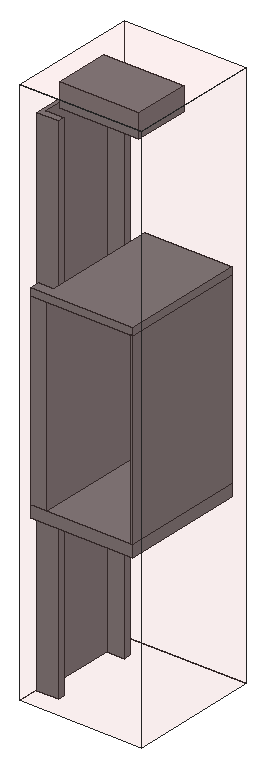
Revit family "Elevator_RES_NationwideLifts_Freedom-Hydro", category Generic Models, Revit 2026
Family settings
  Can host rebar = No
  Round Connector Dimension = Use Diameter
  Part Type = Normal
  Classification Number = 23.50.05.11.14.17
  Work Plane-Based = Yes
  Always vertical = No
  Cut with Voids When Loaded = No
  Maintain Annotation Orientation = No
  Shared = No
  Room Calculation Point = No
Parameters
  Warranty Duration (Years) = 0
  Unit Width = 3' - 0"
  Unit Height [instance] = 6' - 8"
  Unit Depth = 4' - 0"
  URL = "http://www.elevators.com/"
  Stops [instance] = 0
  Standards Conformance = ""
  Specification = "http://www.arcat.com/sdspecs/htm04/14_20_00nwl.htm"
  SpecWizard = ""
  Space Between Cab and Hoistway = 0' - 0 3/4"
  Show Finished Hoistway Clearance [instance] = yes
  Show Default Rail Wall Detail [instance] = yes
  Show Center of Door Detail [instance] = yes
  Send Message = ""
  Sales Information = "http://www.elevators.com/contact-info/"
  Revision = "R1_2016-05"
  Product Properties = ""
  Product Data = "http://www.arcat.com/arcatcos/cos49/arc49670.html"
  Pit Depth [instance] = 0' - 8"
  Overhead [instance] = 9' - 0"
  Overall Height [instance] = Height to Floor of Last Stop + Overhead  # 19' - 0"
  Opening Width = 4' - 4"
  Opening Depth = 4' - 8"
  Model = "As Specified"
  Manufacturer Website = "http://www.elevators.com/"
  Manufacturer Phone - Toll Free = "888-323-8755"
  Manufacturer Phone = ""
  Manufacturer Fax = ""
  Manufacturer Address = "10-B Holden Ave.  Queensbury, NY 12804"
  Manufacturer = "Nationwide Lifts, Inc."
  Maintenance Schedule (Months) = 0
  Lift Travel Speed = ""
  Lift Material [instance] = Metal - Steel
  Lift Height = 0' - 0"
  Keynote = "14 20 00"
  Installation-Fabrication = ""
  Installation Phase = ""
  Hoistway Wall Thickness [instance] = 0' - 0 1/2"
  Hoistway Clearance Material [instance] = ARCAT Clearance
  Height to Full Stroke Sheave [instance] = 17' - 9.338"
  Height to Floor of Last Stop [instance] = 10' - 0"
  Green Building-LEED = ""
  Expected Lifespan (Years) = 0
  Drawn By = "Sumex Design, Inc. / Robert S. Weygant, CSI, CDT, SCIP"
  Description = ""
  Default Elevation = 0' - 0"  # constant formula
  Copyright = "©Arcat Inc."
  Construction Details = ""
  Center of Rail = 2' - 4"
  Center of Door B = 0' - 0"
  Center of Door A = 2' - 11"
  Capacity = ""
  Cab Style 2 Sliding Panel = yes
  Cab Style Accordian Gate = no
  Cab Location [instance] = 5' - 8.02815"
  Cab Exterior Material [instance] = Metal - Steel
  Cab Design = Cab_Type1L : Cab_Type1L
  Assembly Code = "D1010100"
Reference planes (in)
  plane 1 "Center (Front/Back)": y = 0
  plane 2 "Bottom": z = 0
  plane 3 "Center (Left/Right)": x = 0
  plane 4 "Front": y = -28
  plane 5 "Back": y = 28
  plane 6 "Left": x = -26
  plane 7 "Right": x = 26
  plane 8 "Top": z = 228
  plane 9: z = -8
  plane 10: z = 68.02815
Forms (in)
  Extrusion 1, solid, material "ARCAT Clearance" <- "Hoistway Clearance Material", visible <- "Show Finished Hoistway Clearance"
    sketch origin (0, 0, 0) x (1, 0, 0) y (0, 1, 0)
      loop
        line (-26, 28) -> (-26, -28) -> (26, -28) -> (26, 28) -> (-26, 28)
    from -8 to 228
  Extrusion 2, solid, material "Metal - Steel" <- "Lift Material"
    sketch origin (0, 0, 0) x (1, 0, 0) y (0, 1, 0)
      loop
        line (-26, 19) -> (-26, -19) -> (-16.75, -19) -> (-16.75, -16.1875) -> (-24.25, -16.1875) -> (-24.25, 16.1875) -> (-16.75, 16.1875) -> (-16.75, 19) -> (-26, 19)
    from -8 to 213.338 <- "Height to Full Stroke Sheave"
  Extrusion 3, solid, material "Metal - Steel" <- "Lift Material"
    sketch origin (0, 0, 0) x (1, 0, 0) y (0, 0, 1)
      loop
        line (-22, 213.338) -> (12, 213.338) -> (12, 223.338) -> (-22, 223.338) -> (-22, 213.338)
    from -12 to 12
Dimensions and locks (in)
  equal spacing: plane 6 "Left", plane 3 "Center (Left/Right)", plane 7 "Right"
  "Opening Width": plane 6 "Left" to plane 7 "Right"
  equal spacing: plane 5 "Back", plane 1 "Center (Front/Back)", plane 4 "Front"
  "Opening Depth": plane 5 "Back" to plane 4 "Front"
  "Overall Height": plane 8 "Top" to level
  "Pit Depth": level to plane 9
  Extrusion 2 sketch curve to plane 1 "Center (Front/Back)" to Extrusion 2 sketch curve = 1' - 7" locked, 1' - 7" locked
  "Cab Location": plane 10 to plane 2 "Bottom"
  "Height to Full Stroke Sheave": Extrusion 3 sketch curve to level
  locked: Extrusion 3 sketch curve to Extrusion 3 sketch curve at 10
  aligned and locked: Extrusion 1 sketch curve to plane 4 "Front"
  aligned and locked: Extrusion 1 sketch curve to plane 7 "Right"
  aligned and locked: Extrusion 1 to plane 9
  aligned and locked: plane 8 "Top" to Extrusion 1
  aligned and locked: Extrusion 1 to Extrusion 2
  aligned and locked: plane 1 "Center (Front/Back)" to nested 1
  aligned and locked: plane 3 "Center (Left/Right)" to nested 1
Automatic sketch dimensions
  Extrusion 1 sketch curve to plane 6 "Left" = 0' - 0"
  Extrusion 1 sketch curve to plane 5 "Back" = 0' - 0"
  Extrusion 2 sketch curve to plane 6 "Left" = 0' - 0"
  plane 6 "Left" to Extrusion 2 sketch curve = 0' - 1 3/4"
  Extrusion 2 sketch curve to Extrusion 2 sketch curve = 0' - 7 1/2"  (x2)
  Extrusion 2 sketch curve to Extrusion 2 sketch curve = 0' - 2 13/16"  (x2)
  plane 6 "Left" to Extrusion 3 sketch curve = 0' - 4"
  plane 3 "Center (Left/Right)" to Extrusion 3 sketch curve = 1' - 0"
Nested families (in)
  nested 1: "Cab_Type1L" at (0, 0, 68.02815), built-in parameter 1001364 <- "Cab Location", Hoistway Depth <- "Opening Depth", Hoistway Width <- "Opening Width", Unit Width <- "Unit Width", Unit Height <- "Unit Height", Unit Depth <- "Unit Depth", Show Rail Wall Support Detail <- "Show Default Rail Wall Detail", Show Center of Door Location Detail <- "Show Center of Door Detail", Gate A Accordian <- "Cab Style Accordian Gate", Gate A 2 Panel Sliding <- "Cab Style 2 Sliding Panel", Center of Rail <- "Center of Rail", Hoistway Wall Finish Thickness <- "Hoistway Wall Thickness", Center of Door A <- "Center of Door A", Center of Door B <- "Center of Door B", cab exterior <- "Cab Exterior Material", type <- "Cab Design", Space Between Gate and Hoistway <- "Space Between Cab and Hoistway", type "Cab_Type1L"
    with centerdoorBlocate 3' - 0", centerdoorAlocate 2' - 11", cab exterior Metal - Steel, Unit Width 3' - 0", Unit Height 6' - 8", Unit Depth 4' - 0", Space Between Gate and Hoistway 0' - 0 3/4", Show Rail Wall Support Detail yes, Show Center of Door Location Detail yes, Hoistway Width 4' - 4", Hoistway Wall Finish Thickness 0' - 0 1/2", Hoistway Depth 4' - 8", Gate Thickness 0' - 4 1/2", Gate A Accordian no, Gate A 2 Panel Sliding yes, Center of Rail 2' - 4", Center of Door B 0' - 0", Center of Door A 2' - 11"
Definition of nested family "Cab_Type1L"
  Parameters
    centerdoorBlocate [instance] = if(Center of Door B < 2' 0", 3' 0", Center of Door B)  # 2' - 10"
    centerdoorAlocate [instance] = if(Center of Door A < 2' 0", 3' 0", Center of Door A)  # 2' - 4"
    cab exterior [instance] = none
    Unit Width [instance] = 3' - 0"
    Unit Height [instance] = 6' - 8"
    Unit Depth [instance] = 4' - 0"
    Space Between Gate and Hoistway [instance] = 0' - 0 3/4"
    Show Rail Wall Support Detail [instance] = yes
    Show Center of Door Location Detail [instance] = yes
    Hoistway Width [instance] = 4' - 2"
    Hoistway Wall Finish Thickness [instance] = 0' - 0 1/2"
    Hoistway Depth [instance] = 4' - 7"
    Gate Thickness [instance] = 0' - 4 1/2"  # constant formula
    Gate A Accordian [instance] = yes
    Gate A 2 Panel Sliding [instance] = yes
    Default Elevation = 0' - 0"
    Center of Rail [instance] = 2' - 5"
    Center of Door B [instance] = 2' - 10"
    Center of Door A [instance] = 2' - 4"
    Assembly Code = ""
  Reference planes (in)
    plane 1 "Center (Front/Back)": y = 0
    plane 2: z = 0
    plane 3 "Center (Left/Right)": x = 0
    plane 4: y = 27.5
    plane 5: y = -27.5
    plane 6: x = -25
    plane 7: x = 25
    plane 8: y = 1.5
    plane 9: x = -25.5
    plane 10: y = 25.75
    plane 11: y = -26.75
    plane 12: x = -14.25
    plane 13: x = 21.75
    plane 14: y = -22.25
    plane 15: x = 3
  Forms (in)
    Extrusion 1, solid, material <- "cab exterior"
      sketch origin (0, 0, 0) x (1, 0, 0) y (0, 1, 0)
        loop
          line (-14.25, -26.75) -> (-14.25, 25.75) -> (21.75, 25.75) -> (21.75, -26.75) -> (22.5, -26.75) -> (22.5, 26.5) -> (-15, 26.5) -> (-15, -22.25) -> (-21, -22.25) -> (-21, -26.75) -> (-14.25, -26.75)
      from 0 to 80 <- "Unit Height"
    Extrusion 2, solid, material <- "cab exterior"
      sketch origin (0, 0, 0) x (1, 0, 0) y (0, 1, 0)
        loop
          line (-15, 26.5) -> (-15, -22.25) -> (-21, -22.25) -> (-21, -26.75) -> (22.5, -26.75) -> (22.5, 26.5) -> (-15, 26.5)
      from 0 to -5
    Extrusion 3, solid, material <- "cab exterior"
      sketch origin (0, 0, 80) x (1, 0, 0) y (0, 1, 0)
        loop
          line (-15, 26.5) -> (-15, -22.25) -> (-21, -22.25) -> (-21, -26.75) -> (22.5, -26.75) -> (22.5, 26.5) -> (-15, 26.5)
      from 0 to 3
  Dimensions and locks (in)
    equal spacing: plane 6, plane 3 "Center (Left/Right)", plane 7
    "Hoistway Width": plane 6 to plane 7
    equal spacing: plane 4, plane 1 "Center (Front/Back)", plane 5
    "Hoistway Depth": plane 4 to plane 5
    "Center of Rail": plane 8 to plane 5
    "Hoistway Wall Finish Thickness": plane 9 to plane 6
    "Unit Width": plane 12 to plane 13
    "centerdoorAlocate": plane 6 to plane 15
    locked: Extrusion 1 sketch curve to plane 12 at 0.75
    "Gate Thickness": plane 14 to plane 11
    locked: plane 13 to Extrusion 2 sketch curve at 0.75
    locked: Extrusion 3 sketch curve to plane 12 at 6.75
    locked: Extrusion 1 sketch curve to plane 12 at 6.75
    locked: Extrusion 2 sketch curve to plane 12 at 6.75
    locked: plane 6 to plane 12 at 10.75
    locked: nested 3 to plane 11 at 0.5
    locked: nested 4 to plane 11 at 4.0625
    "Space Between Gate and Hoistway": plane 11 to plane 5
    "Unit Depth": plane 10 to plane 14
    locked: Extrusion 1 sketch curve to plane 10 at 0.75
    locked: Extrusion 2 sketch curve to plane 10 at 0.75
    locked: Extrusion 3 sketch curve to plane 10 at 0.75
    aligned and locked: plane 2 to level
    aligned and locked: plane 8 to nested 1
    aligned and locked: plane 9 to nested 1
    aligned and locked: plane 12 to Extrusion 1 sketch curve
    aligned and locked: plane 11 to Extrusion 1 sketch curve  (x2)
    aligned and locked: plane 14 to Extrusion 1 sketch curve
    aligned and locked: plane 13 to Extrusion 1 sketch curve
    aligned and locked: Extrusion 2 sketch curve to plane 11
    aligned and locked: nested 2 to plane 15
    aligned and locked: plane 5 to nested 2
    aligned and locked: nested 3 to plane 13
    aligned and locked: nested 4 to Extrusion 1
  Automatic sketch dimensions
    plane 13 to Extrusion 1 sketch curve = 0' - 0 3/4"
    Extrusion 1 sketch curve to plane 10 = 0' - 0"
    Extrusion 2 sketch curve to plane 14 = 0' - 0"
    Extrusion 2 sketch curve to plane 12 = 0' - 0 3/4"
    Extrusion 1 to Extrusion 3 sketch curve = 0' - 0"
    Extrusion 3 sketch curve to Extrusion 1 = 0' - 0"  (x3)
  Nested families (in)
    nested 1: "RailWallSupport" at (-25.5, 1.5, 0) x (0, 1, 0) z (0, 0, 1), visible <- "Show Rail Wall Support Detail", type "asSpecified"
    nested 2: "DoorLocation" at (3, -33.5, 0), visible <- "Show Center of Door Location Detail", type "asSpecified"
    nested 3: "Sliding2Door" at (-14.25, -26.25, 0), visible <- "Gate A 2 Panel Sliding", type "Sliding2Door"
      with doorpanelwidth 1' - 7", Door Width 3' - 0"
    nested 4: "AccordionGateDetail" at (-21, -24.4375, 0), visible <- "Gate A Accordian", type "AccordionGateDetail"
  Definition of nested family "RailWallSupport"
    Reference planes (in)
      plane 1 "Center (Front/Back)": y = 0
      plane 2: z = 0
      plane 3 "Center (Left/Right)": x = 0
    Lines and regions (in)
      detail lines, in view "Ref. Level"
        curve 1: line (14.375, 0, 0) -> (23.625, 0, 0)
        curve 2: line (23.625, 0, 0) -> (23.625, 1.5, 0)
        curve 3: line (23.625, 1.5, 0) -> (14.375, 1.5, 0)
        curve 4: line (14.375, 1.5, 0) -> (14.375, 0, 0)
        curve 5: line (14.375, 1.5, 0) -> (14.375, 3, 0)
        curve 6: line (14.375, 3, 0) -> (23.625, 3, 0)
        curve 7: line (23.625, 3, 0) -> (23.625, 1.5, 0)
        curve 8: line (23.625, 0, 0) -> (23.625, 3.5, 0)
        curve 9: line (23.625, 3.5, 0) -> (25.125, 3.5, 0)
        curve 10: line (25.125, 3.5, 0) -> (25.125, 0, 0)
        curve 11: line (25.125, 0, 0) -> (23.625, 0, 0)
        curve 12: line (14.375, 0, 0) -> (12.875, 0, 0)
        curve 13: line (12.875, 0, 0) -> (12.875, 3.5, 0)
        curve 14: line (12.875, 3.5, 0) -> (14.375, 3.5, 0)
        curve 15: line (14.375, 3.5, 0) -> (14.375, 3, 0)
        curve 16: line (12.875, 3.5, 0) -> (14.375, 0, 0)
        curve 17: line (14.375, 3.5, 0) -> (12.875, 0, 0)
        curve 18: line (23.625, 3.5, 0) -> (25.125, 0, 0)
        curve 19: line (25.125, 3.5, 0) -> (23.625, 0, 0)
        curve 20: line (14.375, 3, 0) -> (23.625, 1.5, 0)
        curve 21: line (23.625, 3, 0) -> (14.375, 1.5, 0)
        curve 22: line (14.375, 1.5, 0) -> (23.625, 0, 0)
        curve 23: line (23.625, 1.5, 0) -> (14.375, 0, 0)
        curve 24: line (-14.375, 0, 0) -> (-23.625, 0, 0)
        curve 25: line (-23.625, 0, 0) -> (-23.625, 1.5, 0)
        curve 26: line (-23.625, 1.5, 0) -> (-14.375, 1.5, 0)
        curve 27: line (-14.375, 1.5, 0) -> (-14.375, 0, 0)
        curve 28: line (-14.375, 1.5, 0) -> (-14.375, 3, 0)
        curve 29: line (-14.375, 3, 0) -> (-23.625, 3, 0)
        curve 30: line (-23.625, 3, 0) -> (-23.625, 1.5, 0)
        curve 31: line (-23.625, 0, 0) -> (-23.625, 3.5, 0)
        curve 32: line (-23.625, 3.5, 0) -> (-25.125, 3.5, 0)
        curve 33: line (-25.125, 3.5, 0) -> (-25.125, 0, 0)
        curve 34: line (-25.125, 0, 0) -> (-23.625, 0, 0)
        curve 35: line (-14.375, 0, 0) -> (-12.875, 0, 0)
        curve 36: line (-12.875, 0, 0) -> (-12.875, 3.5, 0)
        curve 37: line (-12.875, 3.5, 0) -> (-14.375, 3.5, 0)
        curve 38: line (-14.375, 3.5, 0) -> (-14.375, 3, 0)
        curve 39: line (-12.875, 3.5, 0) -> (-14.375, 0, 0)
        curve 40: line (-14.375, 3.5, 0) -> (-12.875, 0, 0)
        curve 41: line (-23.625, 3.5, 0) -> (-25.125, 0, 0)
        curve 42: line (-25.125, 3.5, 0) -> (-23.625, 0, 0)
        curve 43: line (-14.375, 3, 0) -> (-23.625, 1.5, 0)
        curve 44: line (-23.625, 3, 0) -> (-14.375, 1.5, 0)
        curve 45: line (-14.375, 1.5, 0) -> (-23.625, 0, 0)
        curve 46: line (-23.625, 1.5, 0) -> (-14.375, 0, 0)
  Definition of nested family "DoorLocation"
    Parameters
      Assembly Code = ""
    Reference planes (in)
      plane 1 "Center (Front/Back)": y = 0
      plane 2: z = 0
      plane 3 "Center (Left/Right)": x = 0
    Lines and regions (in)
      detail lines, in view "Ref. Level"
        curve 1: line (-18, -6, 0) -> (-18, 0, 0)
        curve 2: line (-18, 0, 0) -> (18, 0, 0)
        curve 3: line (18, 0, 0) -> (18, -6, 0)
        curve 4: line (18, -6, 0) -> (-18, -6, 0)
        curve 5: line (0, 0, 0) -> (0, -6, 0)
        curve 6: line (0, 0, 0) -> (-0.35355, -0.35355, 0)
        curve 7: line (0, 0, 0) -> (0.35355, -0.35355, 0)
        curve 8: line (0, -6, 0) -> (0.35355, -5.64645, 0)
        curve 9: line (0, -6, 0) -> (-0.35355, -5.64645, 0)
  Definition of nested family "Sliding2Door"
    Parameters
      doorpanelwidth [instance] = (Door Width + 0' 1" + 0' 1") / 2  # 1' - 5"
      Door Width [instance] = 2' - 8"
      Assembly Code = ""
    Reference planes (in)
      plane 1 "Center (Front/Back)": y = 0
      plane 2: z = 0
      plane 3 "Center (Left/Right)": x = 0
      plane 4: x = 32
      plane 5: x = -1
      plane 6: x = 15
      plane 7: x = 16
      plane 8: x = 16
    Lines and regions (in)
      detail lines, in view "Ref. Level"
        curve 1: line (31.75, 0, 0) -> (15.25, 0, 0)
        curve 2: line (15, 0.25, 0) -> (15, 1.3125, 0)
        curve 3: line (15.25, 1.5625, 0) -> (31.75, 1.5625, 0)
        curve 4: line (32, 1.3125, 0) -> (32, 0.25, 0)
        curve 5: arc (31.75, 1.5625, 0) -> (31.92678, 1.48928, 0) -> (32, 1.3125, 0) r 0.25
        curve 6: arc (32, 0.25, 0) -> (31.92678, 0.07322, 0) -> (31.75, 0, 0) r 0.25
        curve 7: arc (15.25, 1.5625, 0) -> (15.07322, 1.48928, 0) -> (15, 1.3125, 0) r 0.25
        curve 8: arc (15, 0.25, 0) -> (15.07322, 0.07322, 0) -> (15.25, 0, 0) r 0.25
        curve 9: line (15.75, 1.6875, 0) -> (-0.75, 1.6875, 0)
        curve 10: line (-1, 1.9375, 0) -> (-1, 3, 0)
        curve 11: line (-0.75, 3.25, 0) -> (15.75, 3.25, 0)
        curve 12: line (16, 3, 0) -> (16, 1.9375, 0)
        curve 13: arc (15.75, 3.25, 0) -> (15.92678, 3.17678, 0) -> (16, 3, 0) r 0.25
        curve 14: arc (16, 1.9375, 0) -> (15.92678, 1.76072, 0) -> (15.75, 1.6875, 0) r 0.25
        curve 15: arc (-0.75, 3.25, 0) -> (-0.92678, 3.17678, 0) -> (-1, 3, 0) r 0.25
        curve 16: arc (-1, 1.9375, 0) -> (-0.92678, 1.76072, 0) -> (-0.75, 1.6875, 0) r 0.25
        curve 17: line (32, 3.5, 0) -> (32, 1.6875, 0)
        curve 18: line (32, 1.6875, 0) -> (31.5, 1.6875, 0)
        curve 19: line (31.5, 1.6875, 0) -> (31.5, 3.5, 0)
        curve 20: line (16, 2.5625, 0) -> (31.5, 2.5625, 0)
        curve 21: line (16, 2.3125, 0) -> (31.5, 2.3125, 0)
        curve 22: line (-1, 0.89063, 0) -> (15, 0.89063, 0)
        curve 23: line (15, 0.64063, 0) -> (-1, 0.64063, 0)
        curve 24: line (-1, 0.89063, 0) -> (-1, 0.64063, 0)
        curve 25: line (31.5, 3.5, 0) -> (32, 3.5, 0)
    Dimensions and locks (in)
      locked: plane 5 to plane 3 "Center (Left/Right)" at 1
      "Door Width": plane 3 "Center (Left/Right)" to plane 4
      "doorpanelwidth": plane 6 to plane 4
      locked: plane 6 to plane 7 at 1
      equal spacing: plane 3 "Center (Left/Right)", plane 8, plane 4
      aligned and locked: plane 6 to curve 2
      aligned and locked: curve 12 to plane 7
      aligned and locked: curve 4 to plane 4
      aligned and locked: plane 5 to curve 22
      aligned and locked: plane 6 to curve 22
      aligned and locked: plane 5 to curve 23
      aligned and locked: plane 5 to curve 10
    Automatic sketch dimensions
      plane 1 "Center (Front/Back)" to curve 1 = 0' - 0"
      curve 17 to plane 4 = 0' - 0"
      plane 5 to curve 16 = 0' - 0 1/4"
      plane 5 to curve 11 = 0' - 0 1/4"
      plane 6 to curve 7 = 0' - 0 1/4"
      plane 6 to curve 1 = 0' - 0 1/4"
      curve 13 to plane 7 = 0' - 0 1/4"
      curve 14 to plane 7 = 0' - 0 1/4"
      curve 20 to plane 4 = 0' - 0 1/2"
      curve 3 to plane 4 = 0' - 0 1/4"
      curve 6 to plane 4 = 0' - 0 1/4"
      curve 2 to curve 23 = 0' - 0 25/64"
      curve 23 to curve 24 = 0' - 0 1/4"
      curve 4 to curve 4 = 0' - 1 1/16"
      curve 3 to curve 18 = 0' - 0 1/8"
      curve 12 to curve 21 = 0' - 0 3/8"
      curve 21 to curve 20 = 0' - 0 1/4"
      curve 20 to curve 12 = 0' - 0 7/16"
      curve 20 to curve 17 = 0' - 0 15/16"
      curve 7 to curve 9 = 0' - 0 1/8"
  Definition of nested family "AccordionGateDetail"
    Reference planes (in)
      plane 1 "Center (Front/Back)": y = 0
      plane 2: z = 0
      plane 3 "Center (Left/Right)": x = 0
    Lines and regions (in)
      detail lines, in view "Ref. Level"
        curve 1: line (0, 0, 0) -> (0, 1.75, 0)
        curve 2: line (0, 1.75, 0) -> (0.3125, 1.75, 0)
        curve 3: circle (0.15625, 0, 0) r 0.15625 normal (0, 0, 1)
        curve 4: line (0.3125, 1.75, 0) -> (0.3125, 0, 0)
        curve 5: line (0.04576, -0.11049, 0) -> (2.16708, -2.23181, 0)
        curve 6: line (2.16708, -2.23181, 0) -> (6.05617, 1.65728, 0)
        curve 7: line (6.05617, 1.65728, 0) -> (9.94526, -2.23181, 0)
        curve 8: line (9.94526, -2.23181, 0) -> (13.83435, 1.65728, 0)
        curve 9: line (13.83435, 1.65728, 0) -> (17.72343, -2.23181, 0)
        curve 10: line (17.72343, -2.23181, 0) -> (20.19831, 0.24307, 0)
        curve 11: line (0.26674, 0.11049, 0) -> (2.16708, -1.78986, 0)
        curve 12: line (2.16708, -1.78986, 0) -> (6.05617, 2.09922, 0)
        curve 13: line (6.05617, 2.09922, 0) -> (9.94526, -1.78986, 0)
        curve 14: line (9.94526, -1.78986, 0) -> (13.83435, 2.09922, 0)
        curve 15: line (13.83435, 2.09922, 0) -> (17.72343, -1.78986, 0)
        curve 16: line (17.72343, -1.78986, 0) -> (19.97734, 0.46404, 0)
        curve 17: circle (20.08782, 0.35355, 0) r 0.15625 normal (0, 0, 1)
        curve 18: line (20.24407, -0.14645, 0) -> (20.24407, 0.85355, 0)
        curve 19: line (20.24407, 0.85355, 0) -> (23.49407, 0.85355, 0)
        curve 20: line (23.49407, 0.85355, 0) -> (23.49407, -0.14645, 0)
        curve 21: line (23.49407, -0.14645, 0) -> (20.24407, -0.14645, 0)
        curve 22: line (21.18157, 1.85355, 0) -> (22.55657, 1.85355, 0)
        curve 23: line (21.43157, 0.85355, 0) -> (21.18157, 1.85355, 0)
        curve 24: line (22.30657, 0.85355, 0) -> (22.55657, 1.85355, 0)
        curve 25: line (22.55657, -1.14645, 0) -> (21.18157, -1.14645, 0)
        curve 26: line (22.30657, -0.14645, 0) -> (22.55657, -1.14645, 0)
        curve 27: line (21.43157, -0.14645, 0) -> (21.18157, -1.14645, 0)
